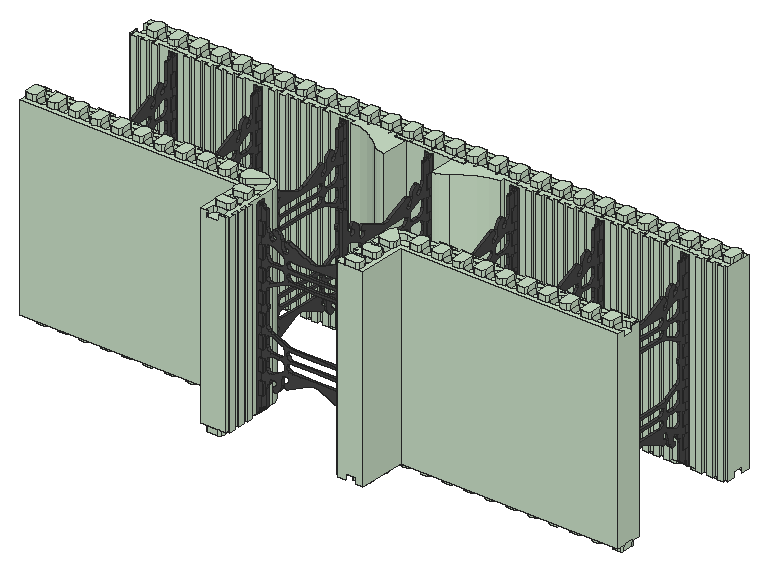
Revit family (continued)
Definition of nested family "NUDURA Diamond Pattern Missing Two Lines"
  Lines and regions (in)
    model lines
      curve 152: arc (3.69709, -5.625, 2.85858) -> (3.75567, -5.625, 3) -> (3.69709, -5.625, 3.14142) r 0.2
      curve 153: line (4.634, -5.625, 2.51517) -> (4.29059, -5.625, 2.85858)
      curve 154: arc (4.634, -5.625, 1.98484) -> (4.74384, -5.625, 2.25) -> (4.634, -5.625, 2.51517) r 0.375
      curve 155: line (4.29059, -5.625, 1.64142) -> (4.634, -5.625, 1.98484)
      curve 156: line (3.35367, -5.625, 1.98484) -> (3.69709, -5.625, 1.64142)
      curve 157: arc (3.35367, -5.625, 2.51517) -> (3.24384, -5.625, 2.25) -> (3.35367, -5.625, 1.98484) r 0.375
      curve 158: line (3.69709, -5.625, 2.85858) -> (3.35367, -5.625, 2.51517)
      curve 159: arc (4.17062, -5.625, 2.80178) -> (3.99384, -5.625, 2.875) -> (3.81706, -5.625, 2.80178) r 0.25
      curve 160: line (3.81706, -5.625, 2.80178) -> (3.44206, -5.625, 2.42678)
      curve 161: arc (3.44206, -5.625, 2.42678) -> (3.36884, -5.625, 2.25) -> (3.44206, -5.625, 2.07322) r 0.25
      curve 162: line (3.44206, -5.625, 2.07322) -> (3.81706, -5.625, 1.69822)
      curve 163: arc (3.81706, -5.625, 1.69822) -> (3.99384, -5.625, 1.625) -> (4.17062, -5.625, 1.69822) r 0.25
      curve 164: line (4.17062, -5.625, 1.69822) -> (4.54562, -5.625, 2.07322)
      curve 165: arc (4.54562, -5.625, 2.07322) -> (4.61884, -5.625, 2.25) -> (4.54562, -5.625, 2.42678) r 0.25
      curve 166: line (4.54562, -5.625, 2.42678) -> (4.17062, -5.625, 2.80178)
      curve 167: arc (3.69709, -5.625, 1.35858) -> (3.75567, -5.625, 1.5) -> (3.69709, -5.625, 1.64142) r 0.2
      curve 168: line (3.69709, -5.625, 1.35858) -> (3.35367, -5.625, 1.01517)
      curve 169: arc (3.35367, -5.625, 1.01517) -> (3.24384, -5.625, 0.75) -> (3.35367, -5.625, 0.48484) r 0.375
      curve 170: line (3.35367, -5.625, 0.48484) -> (3.72867, -5.625, 0.10984)
      curve 171: arc (3.72867, -5.625, 0.10984) -> (3.99384, -5.625, 0) -> (4.259, -5.625, 0.10984) r 0.375
      curve 172: line (4.259, -5.625, 0.10984) -> (4.634, -5.625, 0.48484)
      curve 173: arc (4.634, -5.625, 0.48484) -> (4.74384, -5.625, 0.75) -> (4.634, -5.625, 1.01517) r 0.375
      curve 174: line (4.634, -5.625, 1.01517) -> (4.29059, -5.625, 1.35858)
      curve 175: arc (4.29059, -5.625, 1.64142) -> (4.23201, -5.625, 1.5) -> (4.29059, -5.625, 1.35858) r 0.2
      curve 176: arc (4.17062, -5.625, 1.30178) -> (3.99384, -5.625, 1.375) -> (3.81706, -5.625, 1.30178) r 0.25
      curve 177: line (4.54562, -5.625, 0.92678) -> (4.17062, -5.625, 1.30178)
      curve 178: arc (4.54562, -5.625, 0.57322) -> (4.61884, -5.625, 0.75) -> (4.54562, -5.625, 0.92678) r 0.25
      curve 179: line (4.17062, -5.625, 0.19822) -> (4.54562, -5.625, 0.57322)
      curve 180: arc (3.81706, -5.625, 0.19822) -> (3.99384, -5.625, 0.125) -> (4.17062, -5.625, 0.19822) r 0.25
      curve 181: line (3.44206, -5.625, 0.57322) -> (3.81706, -5.625, 0.19822)
      curve 182: arc (3.44206, -5.625, 0.92678) -> (3.36884, -5.625, 0.75) -> (3.44206, -5.625, 0.57322) r 0.25
      curve 183: line (3.81706, -5.625, 1.30178) -> (3.44206, -5.625, 0.92678)
      curve 184: arc (4.29059, -5.625, 3.14142) -> (4.23201, -5.625, 3) -> (4.29059, -5.625, 2.85858) r 0.2
      curve 185: arc (4.29059, -5.625, 4.64142) -> (4.23201, -5.625, 4.5) -> (4.29059, -5.625, 4.35858) r 0.2
      curve 186: arc (4.29059, -5.625, 6.14142) -> (4.23201, -5.625, 6) -> (4.29059, -5.625, 5.85858) r 0.2
      curve 187: arc (4.29059, -5.625, 7.64142) -> (4.23201, -5.625, 7.5) -> (4.29059, -5.625, 7.35858) r 0.2
      curve 188: arc (4.29059, -5.625, 9.14142) -> (4.23201, -5.625, 9) -> (4.29059, -5.625, 8.85858) r 0.2
      curve 189: arc (4.29059, -5.625, 10.64142) -> (4.23201, -5.625, 10.5) -> (4.29059, -5.625, 10.35858) r 0.2
      curve 190: arc (4.29059, -5.625, 12.14142) -> (4.23201, -5.625, 12) -> (4.29059, -5.625, 11.85858) r 0.2
      curve 191: arc (4.29059, -5.625, 13.64142) -> (4.23201, -5.625, 13.5) -> (4.29059, -5.625, 13.35858) r 0.2
      curve 192: arc (4.29059, -5.625, 15.14142) -> (4.23201, -5.625, 15) -> (4.29059, -5.625, 14.85858) r 0.2
      curve 193: arc (4.29059, -5.625, 16.64142) -> (4.23201, -5.625, 16.5) -> (4.29059, -5.625, 16.35858) r 0.2
Definition of nested family "NUDURA Logo Diamond"
  Reference planes (in)
    plane 1 "Center (Front/Back)": y = 0
    plane 2: z = 0
    plane 3 "Center (Left/Right)": x = 0
  Lines and regions (in)
    model lines
      curve 1: line (12.59848, 0, 17.50104) -> (12.24492, 0, 17.85459)
      curve 2: line (12.36113, 0, 16.76872) -> (12.59848, 0, 17.00607)
      curve 3: line (12.59848, 0, 16.00104) -> (12.36113, 0, 16.23839)
      curve 4: line (12.36113, 0, 15.26872) -> (12.59848, 0, 15.50607)
      curve 5: line (12.59848, 0, 14.50104) -> (12.36113, 0, 14.73839)
      curve 6: line (12.36113, 0, 13.76872) -> (12.59848, 0, 14.00607)
      curve 7: line (12.17421, 0, 13.28388) -> (12.71208, 0, 12.74602)
      curve 8: line (12.71208, 0, 12.74602) -> (12.78279, 0, 12.81673)
      curve 9: line (11.28279, 0, 12.74602) -> (11.82066, 0, 13.28388)
      curve 10: line (11.63374, 0, 13.23839) -> (11.21208, 0, 12.81673)
      curve 11: line (11.3964, 0, 14.00607) -> (11.63374, 0, 13.76872)
      curve 12: line (11.63374, 0, 14.73839) -> (11.3964, 0, 14.50104)
      curve 13: line (11.3964, 0, 15.50607) -> (11.63374, 0, 15.26872)
      curve 14: line (11.63374, 0, 16.23839) -> (11.3964, 0, 16.00104)
      curve 15: line (11.3964, 0, 17.00607) -> (11.63374, 0, 16.76872)
      curve 16: line (11.74995, 0, 17.85459) -> (11.3964, 0, 17.50104)
      curve 17: line (11.82066, 0, 17.78388) -> (11.46711, 0, 17.43033)
      curve 18: line (12.52777, 0, 17.43033) -> (12.17421, 0, 17.78388)
      curve 19: line (12.17421, 0, 16.72322) -> (12.52777, 0, 17.07678)
      curve 20: line (11.46711, 0, 17.07678) -> (11.82066, 0, 16.72322)
      curve 21: arc (11.3964, 0, 17.50104) -> (11.29388, 0, 17.25355) -> (11.3964, 0, 17.00607) r 0.35
      curve 22: arc (11.74995, 0, 17.85459) -> (11.99744, 0, 17.95711) -> (12.24492, 0, 17.85459) r 0.35
      curve 23: arc (11.46711, 0, 17.43033) -> (11.39388, 0, 17.25355) -> (11.46711, 0, 17.07678) r 0.25
      curve 24: arc (12.52777, 0, 17.43033) -> (12.60099, 0, 17.25355) -> (12.52777, 0, 17.07678) r 0.25
      curve 25: arc (12.17421, 0, 16.72322) -> (11.99744, 0, 16.65) -> (11.82066, 0, 16.72322) r 0.25
      curve 26: arc (11.82066, 0, 17.78388) -> (11.99744, 0, 17.85711) -> (12.17421, 0, 17.78388) r 0.25
      curve 27: arc (12.59848, 0, 17.50104) -> (12.70099, 0, 17.25355) -> (12.59848, 0, 17.00607) r 0.35
      curve 28: arc (11.63374, 0, 16.76872) -> (11.74358, 0, 16.50355) -> (11.63374, 0, 16.23839) r 0.375
      curve 29: arc (12.36113, 0, 16.76872) -> (12.2513, 0, 16.50355) -> (12.36113, 0, 16.23839) r 0.375
      curve 30: line (12.36113, 0, 15.26872) -> (12.59848, 0, 15.50607)
      curve 31: line (11.3964, 0, 15.50607) -> (11.63374, 0, 15.26872)
      curve 32: line (11.82066, 0, 16.28388) -> (11.46711, 0, 15.93033)
      curve 33: line (12.52777, 0, 15.93033) -> (12.17421, 0, 16.28388)
      curve 34: line (12.17421, 0, 15.22322) -> (12.52777, 0, 15.57678)
      curve 35: line (11.46711, 0, 15.57678) -> (11.82066, 0, 15.22322)
      curve 36: arc (11.3964, 0, 16.00104) -> (11.29388, 0, 15.75355) -> (11.3964, 0, 15.50607) r 0.35
      curve 37: arc (11.46711, 0, 15.93033) -> (11.39388, 0, 15.75355) -> (11.46711, 0, 15.57678) r 0.25
      curve 38: arc (12.52777, 0, 15.93033) -> (12.60099, 0, 15.75355) -> (12.52777, 0, 15.57678) r 0.25
      curve 39: arc (12.17421, 0, 15.22322) -> (11.99744, 0, 15.15) -> (11.82066, 0, 15.22322) r 0.25
      curve 40: arc (11.82066, 0, 16.28388) -> (11.99744, 0, 16.35711) -> (12.17421, 0, 16.28388) r 0.25
      curve 41: arc (12.59848, 0, 16.00104) -> (12.70099, 0, 15.75355) -> (12.59848, 0, 15.50607) r 0.35
      curve 42: line (11.63374, 0, 16.23839) -> (11.3964, 0, 16.00104)
      curve 43: line (12.59848, 0, 16.00104) -> (12.36113, 0, 16.23839)
      curve 44: arc (11.63374, 0, 15.26872) -> (11.74358, 0, 15.00355) -> (11.63374, 0, 14.73839) r 0.375
      curve 45: arc (12.36113, 0, 15.26872) -> (12.2513, 0, 15.00355) -> (12.36113, 0, 14.73839) r 0.375
      curve 46: line (12.36113, 0, 13.76872) -> (12.59848, 0, 14.00607)
      curve 47: line (11.3964, 0, 14.00607) -> (11.63374, 0, 13.76872)
      curve 48: line (11.82066, 0, 14.78388) -> (11.46711, 0, 14.43033)
      curve 49: line (12.52777, 0, 14.43033) -> (12.17421, 0, 14.78388)
      curve 50: line (12.17421, 0, 13.72322) -> (12.52777, 0, 14.07678)
      curve 51: line (11.46711, 0, 14.07678) -> (11.82066, 0, 13.72322)
      curve 52: arc (11.3964, 0, 14.50104) -> (11.29388, 0, 14.25355) -> (11.3964, 0, 14.00607) r 0.35
      curve 53: arc (11.46711, 0, 14.43033) -> (11.39388, 0, 14.25355) -> (11.46711, 0, 14.07678) r 0.25
      curve 54: arc (12.52777, 0, 14.43033) -> (12.60099, 0, 14.25355) -> (12.52777, 0, 14.07678) r 0.25
      curve 55: arc (12.17421, 0, 13.72322) -> (11.99744, 0, 13.65) -> (11.82066, 0, 13.72322) r 0.25
      curve 56: arc (11.82066, 0, 14.78388) -> (11.99744, 0, 14.85711) -> (12.17421, 0, 14.78388) r 0.25
      curve 57: arc (12.59848, 0, 14.50104) -> (12.70099, 0, 14.25355) -> (12.59848, 0, 14.00607) r 0.35
      curve 58: line (11.63374, 0, 14.73839) -> (11.3964, 0, 14.50104)
      curve 59: arc (11.63374, 0, 13.76872) -> (11.74358, 0, 13.50355) -> (11.63374, 0, 13.23839) r 0.375
      curve 60: arc (12.36113, 0, 13.76872) -> (12.2513, 0, 13.50355) -> (12.36113, 0, 13.23839) r 0.375
      curve 61: line (12.78279, 0, 12.81673) -> (12.36113, 0, 13.23839)
      curve 62: line (11.21208, 0, 12.81673) -> (11.28279, 0, 12.74602)
      curve 63: arc (11.82066, 0, 13.28388) -> (11.99744, 0, 13.35711) -> (12.17421, 0, 13.28388) r 0.25
      curve 64: line (12.59848, 0, 0.50607) -> (12.24492, 0, 0.15251)
      curve 65: line (12.36113, 0, 1.23839) -> (12.59848, 0, 1.00104)
      curve 66: line (12.59848, 0, 2.00607) -> (12.36113, 0, 1.76872)
      curve 67: line (12.36113, 0, 2.73839) -> (12.59848, 0, 2.50104)
      curve 68: line (12.59848, 0, 3.50607) -> (12.36113, 0, 3.26872)
      curve 69: line (12.36113, 0, 4.23839) -> (12.59848, 0, 4.00104)
      curve 70: line (12.17421, 0, 4.72322) -> (12.71208, 0, 5.26109)
      curve 71: line (12.71208, 0, 5.26109) -> (12.78279, 0, 5.19038)
      curve 72: line (11.28279, 0, 5.26109) -> (11.82066, 0, 4.72322)
      curve 73: line (11.63374, 0, 4.76872) -> (11.21208, 0, 5.19038)
      curve 74: line (11.3964, 0, 4.00104) -> (11.63374, 0, 4.23839)
      curve 75: line (11.63374, 0, 3.26872) -> (11.3964, 0, 3.50607)
      curve 76: line (11.3964, 0, 2.50104) -> (11.63374, 0, 2.73839)
      curve 77: line (11.63374, 0, 1.76872) -> (11.3964, 0, 2.00607)
      curve 78: line (11.3964, 0, 1.00104) -> (11.63374, 0, 1.23839)
      curve 79: line (11.74995, 0, 0.15251) -> (11.3964, 0, 0.50607)
      curve 80: line (11.82066, 0, 0.22322) -> (11.46711, 0, 0.57678)
      curve 81: line (12.52777, 0, 0.57678) -> (12.17421, 0, 0.22322)
      curve 82: line (12.17421, 0, 1.28388) -> (12.52777, 0, 0.93033)
      curve 83: line (11.46711, 0, 0.93033) -> (11.82066, 0, 1.28388)
      curve 84: arc (11.3964, 0, 0.50607) -> (11.29388, 0, 0.75355) -> (11.3964, 0, 1.00104) r 0.35
      curve 85: arc (11.74995, 0, 0.15251) -> (11.99744, 0, 0.05) -> (12.24492, 0, 0.15251) r 0.35
      curve 86: arc (11.46711, 0, 0.57678) -> (11.39388, 0, 0.75355) -> (11.46711, 0, 0.93033) r 0.25
      curve 87: arc (12.52777, 0, 0.57678) -> (12.60099, 0, 0.75355) -> (12.52777, 0, 0.93033) r 0.25
      curve 88: arc (12.17421, 0, 1.28388) -> (11.99744, 0, 1.35711) -> (11.82066, 0, 1.28388) r 0.25
      curve 89: arc (11.82066, 0, 0.22322) -> (11.99744, 0, 0.15) -> (12.17421, 0, 0.22322) r 0.25
      curve 90: arc (12.59848, 0, 0.50607) -> (12.70099, 0, 0.75355) -> (12.59848, 0, 1.00104) r 0.35
      curve 91: arc (11.63374, 0, 1.23839) -> (11.74358, 0, 1.50355) -> (11.63374, 0, 1.76872) r 0.375
      curve 92: arc (12.36113, 0, 1.23839) -> (12.2513, 0, 1.50355) -> (12.36113, 0, 1.76872) r 0.375
      curve 93: line (12.36113, 0, 2.73839) -> (12.59848, 0, 2.50104)
      curve 94: line (11.3964, 0, 2.50104) -> (11.63374, 0, 2.73839)
      curve 95: line (11.82066, 0, 1.72322) -> (11.46711, 0, 2.07678)
      curve 96: line (12.52777, 0, 2.07678) -> (12.17421, 0, 1.72322)
      curve 97: line (12.17421, 0, 2.78388) -> (12.52777, 0, 2.43033)
      curve 98: line (11.46711, 0, 2.43033) -> (11.82066, 0, 2.78388)
      curve 99: arc (11.3964, 0, 2.00607) -> (11.29388, 0, 2.25355) -> (11.3964, 0, 2.50104) r 0.35
      curve 100: arc (11.46711, 0, 2.07678) -> (11.39388, 0, 2.25355) -> (11.46711, 0, 2.43033) r 0.25
      curve 101: arc (12.52777, 0, 2.07678) -> (12.60099, 0, 2.25355) -> (12.52777, 0, 2.43033) r 0.25
      curve 102: arc (12.17421, 0, 2.78388) -> (11.99744, 0, 2.85711) -> (11.82066, 0, 2.78388) r 0.25
      curve 103: arc (11.82066, 0, 1.72322) -> (11.99744, 0, 1.65) -> (12.17421, 0, 1.72322) r 0.25
      curve 104: arc (12.59848, 0, 2.00607) -> (12.70099, 0, 2.25355) -> (12.59848, 0, 2.50104) r 0.35
      curve 105: line (11.63374, 0, 1.76872) -> (11.3964, 0, 2.00607)
      curve 106: line (12.59848, 0, 2.00607) -> (12.36113, 0, 1.76872)
      curve 107: arc (11.63374, 0, 2.73839) -> (11.74358, 0, 3.00355) -> (11.63374, 0, 3.26872) r 0.375
      curve 108: arc (12.36113, 0, 2.73839) -> (12.2513, 0, 3.00355) -> (12.36113, 0, 3.26872) r 0.375
      curve 109: line (12.36113, 0, 4.23839) -> (12.59848, 0, 4.00104)
      curve 110: line (11.3964, 0, 4.00104) -> (11.63374, 0, 4.23839)
      curve 111: line (11.82066, 0, 3.22322) -> (11.46711, 0, 3.57678)
      curve 112: line (12.52777, 0, 3.57678) -> (12.17421, 0, 3.22322)
      curve 113: line (12.17421, 0, 4.28388) -> (12.52777, 0, 3.93033)
      curve 114: line (11.46711, 0, 3.93033) -> (11.82066, 0, 4.28388)
      curve 115: arc (11.3964, 0, 3.50607) -> (11.29388, 0, 3.75355) -> (11.3964, 0, 4.00104) r 0.35
      curve 116: arc (11.46711, 0, 3.57678) -> (11.39388, 0, 3.75355) -> (11.46711, 0, 3.93033) r 0.25
      curve 117: arc (12.52777, 0, 3.57678) -> (12.60099, 0, 3.75355) -> (12.52777, 0, 3.93033) r 0.25
      curve 118: arc (12.17421, 0, 4.28388) -> (11.99744, 0, 4.35711) -> (11.82066, 0, 4.28388) r 0.25
      curve 119: arc (11.82066, 0, 3.22322) -> (11.99744, 0, 3.15) -> (12.17421, 0, 3.22322) r 0.25
      curve 120: arc (12.59848, 0, 3.50607) -> (12.70099, 0, 3.75355) -> (12.59848, 0, 4.00104) r 0.35
      curve 121: line (11.63374, 0, 3.26872) -> (11.3964, 0, 3.50607)
      curve 122: arc (11.63374, 0, 4.23839) -> (11.74358, 0, 4.50355) -> (11.63374, 0, 4.76872) r 0.375
      curve 123: arc (12.36113, 0, 4.23839) -> (12.2513, 0, 4.50355) -> (12.36113, 0, 4.76872) r 0.375
      curve 124: line (12.78279, 0, 5.19038) -> (12.36113, 0, 4.76872)
      curve 125: line (11.21208, 0, 5.19038) -> (11.28279, 0, 5.26109)
      curve 126: arc (11.82066, 0, 4.72322) -> (11.99744, 0, 4.65) -> (12.17421, 0, 4.72322) r 0.25
      curve 127: line (12.37244, 0, 12.50355) -> (11.62244, 0, 12.50355)
      curve 128: line (12.74744, 0, 5.87855) -> (12.74744, 0, 12.12855)
      curve 129: line (11.24744, 0, 12.12855) -> (11.24744, 0, 5.87855)
      curve 130: line (11.62244, 0, 5.50355) -> (12.37244, 0, 5.50355)
      curve 131: line (12.47232, 0, 12.00355) -> (12.0393, 0, 12.25355)
      curve 132: line (12.47232, 0, 11.50355) -> (12.47232, 0, 12.00355)
      curve 133: line (12.25581, 0, 11.37855) -> (12.47232, 0, 11.50355)
      curve 134: line (12.02256, 0, 11.51322) -> (12.25581, 0, 11.37855)
      curve 135: line (12.22232, 0, 11.62855) -> (12.02256, 0, 11.51322)
      curve 136: line (11.80605, 0, 12.11888) -> (12.22232, 0, 11.87855)
      curve 137: line (12.22232, 0, 11.87855) -> (12.22232, 0, 11.62855)
      curve 138: line (12.0393, 0, 12.25355) -> (11.80605, 0, 12.11888)
      curve 139: line (11.77256, 0, 11.63822) -> (11.97232, 0, 11.75355)
      curve 140: line (11.97232, 0, 11.75355) -> (11.73906, 0, 11.88822)
      curve 141: line (11.73906, 0, 11.88822) -> (11.52256, 0, 11.76322)
      curve 142: line (11.52256, 0, 11.76322) -> (11.52256, 0, 11.26322)
      curve 143: line (11.77256, 0, 11.38822) -> (11.77256, 0, 11.63822)
      curve 144: line (12.18882, 0, 11.14789) -> (11.77256, 0, 11.38822)
      curve 145: line (11.95557, 0, 11.01322) -> (12.18882, 0, 11.14789)
      curve 146: line (11.52256, 0, 11.26322) -> (11.95557, 0, 11.01322)
      curve 147: line (12.31108, 0, 10.60411) -> (11.68379, 0, 10.74458)
      curve 148: line (11.68379, 0, 10.74458) -> (11.68379, 0, 10.51321)
      curve 149: line (11.68379, 0, 10.51321) -> (12.1295, 0, 10.41405)
      curve 150: line (12.1295, 0, 10.41405) -> (11.68379, 0, 10.27358)
      curve 151: line (11.68379, 0, 10.27358) -> (11.68379, 0, 9.8852)
      curve 152: line (11.68379, 0, 9.8852) -> (12.17077, 0, 9.77615)
      curve 153: line (12.17077, 0, 9.77615) -> (12.17077, 0, 9.74472)
      curve 154: line (12.17077, 0, 9.74472) -> (11.86146, 0, 9.80279)
      curve 155: line (11.68379, 0, 9.65536) -> (11.68379, 0, 9.35864)
      curve 156: line (12.07077, 0, 8.74385) -> (12.07077, 0, 8.99996)
      curve 157: line (12.07077, 0, 8.99996) -> (11.68379, 0, 9.08605)
      curve 158: line (11.68379, 0, 9.08605) -> (11.68379, 0, 8.47809)
      curve 159: line (11.91823, 0, 9.06589) -> (12.31108, 0, 8.97792)
      curve 160: line (11.82444, 0, 8.55476) -> (11.82444, 0, 8.79865)
      curve 161: line (11.82444, 0, 8.79865) -> (12.07077, 0, 8.74385)
      curve 162: line (11.68379, 0, 8.07193) -> (11.68379, 0, 7.77522)
      curve 163: line (11.91823, 0, 7.48247) -> (12.21108, 0, 7.41688)
      curve 164: line (12.21108, 0, 7.41688) -> (12.21108, 0, 6.95405)
      curve 165: line (12.16108, 0, 6.90405) -> (12.12077, 0, 6.90405)
      curve 166: line (12.07077, 0, 6.95405) -> (12.07077, 0, 7.08675)
      curve 167: line (12.07077, 0, 7.08675) -> (12.12077, 0, 7.07556)
      curve 168: line (12.12077, 0, 7.07556) -> (12.12077, 0, 7.33463)
      curve 169: line (12.12077, 0, 7.33463) -> (11.68379, 0, 7.43249)
      curve 170: line (11.68379, 0, 7.43249) -> (11.68379, 0, 7.17341)
      curve 171: line (11.68379, 0, 7.17341) -> (11.97077, 0, 7.10915)
      curve 172: line (11.97077, 0, 7.10915) -> (11.97077, 0, 6.99425)
      curve 173: line (11.92077, 0, 6.94425) -> (11.68379, 0, 6.94425)
      curve 174: line (11.68379, 0, 6.94425) -> (11.68379, 0, 6.45682)
      curve 175: line (11.68379, 0, 6.45682) -> (11.78284, 0, 6.38658)
      curve 176: line (11.78284, 0, 6.38658) -> (11.78284, 0, 6.05178)
      curve 177: line (12.12371, 0, 6.14486) -> (11.88284, 0, 6.31567)
      curve 178: line (11.88284, 0, 6.31567) -> (11.88284, 0, 6.07909)
      curve 179: line (11.88284, 0, 6.07909) -> (12.12371, 0, 6.14486)
      curve 180: line (11.78284, 0, 6.05178) -> (11.68379, 0, 6.02474)
      curve 181: line (11.68379, 0, 6.02474) -> (11.68379, 0, 5.75355)
      curve 182: line (11.68379, 0, 5.75355) -> (12.31108, 0, 5.92483)
      curve 183: line (12.31108, 0, 5.92483) -> (12.31108, 0, 6.28791)
      curve 184: line (12.31108, 0, 6.28791) -> (11.76249, 0, 6.67694)
      curve 185: line (11.76249, 0, 6.67694) -> (11.90321, 0, 6.67694)
      curve 186: line (12.31108, 0, 6.78674) -> (12.31108, 0, 7.63562)
      curve 187: line (12.31108, 0, 7.63562) -> (11.90258, 0, 7.7271)
      curve 188: line (11.82444, 0, 7.82469) -> (11.82444, 0, 7.92839)
      curve 189: line (11.88536, 0, 7.97718) -> (12.31108, 0, 7.88185)
      curve 190: line (12.31108, 0, 7.88185) -> (12.31108, 0, 8.13496)
      curve 191: line (12.31108, 0, 8.13496) -> (12.08042, 0, 8.17826)
      curve 192: line (12.31108, 0, 8.38353) -> (12.31108, 0, 8.9465)
      curve 193: line (12.31108, 0, 8.9465) -> (12.17077, 0, 8.97771)
      curve 194: line (12.17077, 0, 8.97771) -> (12.17077, 0, 8.55476)
      curve 195: line (12.31108, 0, 8.97792) -> (12.31108, 0, 9.21905)
      curve 196: line (12.31108, 0, 9.21905) -> (11.90258, 0, 9.31053)
      curve 197: line (11.82444, 0, 9.40811) -> (11.82444, 0, 9.51182)
      curve 198: line (11.87938, 0, 9.56195) -> (12.31108, 0, 9.46528)
      curve 199: line (12.31108, 0, 9.46528) -> (12.31108, 0, 9.98469)
      curve 200: line (12.31108, 0, 9.98469) -> (11.90664, 0, 10.07526)
      curve 201: line (11.90664, 0, 10.07526) -> (12.31108, 0, 10.20747)
      curve 202: line (12.31108, 0, 10.20747) -> (12.31108, 0, 10.60411)
      curve 203: arc (11.68379, 0, 9.65536) -> (11.73801, 0, 9.7708) -> (11.86146, 0, 9.80279) r 0.15
      curve 204: arc (11.68379, 0, 9.35864) -> (11.74962, 0, 9.17112) -> (11.91823, 0, 9.06589) r 0.3
      curve 205: arc (11.84417, 0, 8.22149) -> (11.72718, 0, 8.32679) -> (11.68379, 0, 8.47809) r 0.28547
      curve 206: arc (11.68379, 0, 8.07193) -> (11.73147, 0, 8.18158) -> (11.84417, 0, 8.22149) r 0.14992
      curve 207: arc (11.68379, 0, 7.77522) -> (11.74962, 0, 7.58769) -> (11.91823, 0, 7.48247) r 0.3
      curve 208: arc (11.82444, 0, 7.82469) -> (11.84638, 0, 7.76218) -> (11.90258, 0, 7.7271) r 0.1
      curve 209: arc (11.82444, 0, 7.92839) -> (11.84318, 0, 7.96742) -> (11.88536, 0, 7.97718) r 0.05
      curve 210: arc (12.12077, 0, 6.90405) -> (12.08541, 0, 6.91869) -> (12.07077, 0, 6.95405) r 0.05
      curve 211: arc (12.16108, 0, 6.90405) -> (12.19644, 0, 6.91869) -> (12.21108, 0, 6.95405) r 0.05
      curve 212: arc (11.97077, 0, 6.99425) -> (11.95612, 0, 6.95889) -> (11.92077, 0, 6.94425) r 0.05
      curve 213: arc (11.90321, 0, 6.67694) -> (11.96756, 0, 6.70069) -> (12.00104, 0, 6.76055) r 0.09904
      curve 214: arc (12.00104, 0, 6.76055) -> (12.1681, 0, 6.63117) -> (12.31108, 0, 6.78674) r 0.15613
      curve 215: arc (12.08042, 0, 8.17826) -> (12.24181, 0, 8.22914) -> (12.31108, 0, 8.38353) r 0.20667
      curve 216: arc (11.82444, 0, 8.55476) -> (11.9976, 0, 8.3816) -> (12.17077, 0, 8.55476) r 0.17317
      curve 217: arc (11.82444, 0, 9.40811) -> (11.84638, 0, 9.34561) -> (11.90258, 0, 9.31053) r 0.1
      curve 218: arc (11.82444, 0, 9.51182) -> (11.8459, 0, 9.55306) -> (11.892, 0, 9.55913) r 0.05034
      curve 219: arc (11.24744, 0, 12.12855) -> (11.35727, 0, 12.39372) -> (11.62244, 0, 12.50355) r 0.375
      curve 220: arc (12.37244, 0, 12.50355) -> (12.6376, 0, 12.39372) -> (12.74744, 0, 12.12855) r 0.375
      curve 221: arc (11.24744, 0, 5.87855) -> (11.35727, 0, 5.61339) -> (11.62244, 0, 5.50355) r 0.375
      curve 222: arc (12.37244, 0, 5.50355) -> (12.6376, 0, 5.61339) -> (12.74744, 0, 5.87855) r 0.375
      curve 223: line (9.99744, 0, 18) -> (9.99744, 0, 0)
      curve 224: line (13.99744, 0, 18) -> (13.99744, 0, 0)
      curve 225: line (15.99744, 0, 18) -> (15.99744, 0, 0)
Definition of nested family "NUDURA Diamond Pattern"
  Reference planes (in)
    plane 1 "Center (Front/Back)": y = 0
    plane 2: z = 0
    plane 3 "Center (Left/Right)": x = 0
    plane 4: z = 18
  Lines and regions (in)
    model lines
      curve 1: line (8, -5.625, 18) -> (8, -5.625, 0)
      curve 2: line (6, -5.625, 18) -> (6, -5.625, 0)
      curve 3: line (2, -5.625, 18) -> (2, -5.625, 0)
      curve 4: line (3.35367, -5.625, 16.98484) -> (3.69709, -5.625, 16.64142)
      curve 5: arc (3.35367, -5.625, 17.51517) -> (3.24384, -5.625, 17.25) -> (3.35367, -5.625, 16.98484) r 0.375
      curve 6: line (3.72867, -5.625, 17.89017) -> (3.35367, -5.625, 17.51517)
      curve 7: arc (4.259, -5.625, 17.89017) -> (3.99384, -5.625, 18) -> (3.72867, -5.625, 17.89017) r 0.375
      curve 8: line (4.634, -5.625, 17.51517) -> (4.259, -5.625, 17.89017)
      curve 9: arc (4.634, -5.625, 16.98484) -> (4.74384, -5.625, 17.25) -> (4.634, -5.625, 17.51517) r 0.375
      curve 10: line (4.29059, -5.625, 16.64142) -> (4.634, -5.625, 16.98484)
      curve 11: arc (4.17062, -5.625, 17.80178) -> (3.99384, -5.625, 17.875) -> (3.81706, -5.625, 17.80178) r 0.25
      curve 12: line (4.54562, -5.625, 17.42678) -> (4.17062, -5.625, 17.80178)
      curve 13: arc (4.54562, -5.625, 17.07322) -> (4.61884, -5.625, 17.25) -> (4.54562, -5.625, 17.42678) r 0.25
      curve 14: line (4.17062, -5.625, 16.69822) -> (4.54562, -5.625, 17.07322)
      curve 15: arc (3.81706, -5.625, 16.69822) -> (3.99384, -5.625, 16.625) -> (4.17062, -5.625, 16.69822) r 0.25
      curve 16: line (3.44206, -5.625, 17.07322) -> (3.81706, -5.625, 16.69822)
      curve 17: arc (3.44206, -5.625, 17.42678) -> (3.36884, -5.625, 17.25) -> (3.44206, -5.625, 17.07322) r 0.25
      curve 18: line (3.81706, -5.625, 17.80178) -> (3.44206, -5.625, 17.42678)
      curve 19: arc (3.69709, -5.625, 16.35858) -> (3.75567, -5.625, 16.5) -> (3.69709, -5.625, 16.64142) r 0.2
      curve 20: line (4.634, -5.625, 16.01517) -> (4.29059, -5.625, 16.35858)
      curve 21: arc (4.634, -5.625, 15.48484) -> (4.74384, -5.625, 15.75) -> (4.634, -5.625, 16.01517) r 0.375
      curve 22: line (4.29059, -5.625, 15.14142) -> (4.634, -5.625, 15.48484)
      curve 23: line (3.35367, -5.625, 15.48484) -> (3.69709, -5.625, 15.14142)
      curve 24: arc (3.35367, -5.625, 16.01517) -> (3.24384, -5.625, 15.75) -> (3.35367, -5.625, 15.48484) r 0.375
      curve 25: line (3.69709, -5.625, 16.35858) -> (3.35367, -5.625, 16.01517)
      curve 26: arc (4.17062, -5.625, 16.30178) -> (3.99384, -5.625, 16.375) -> (3.81706, -5.625, 16.30178) r 0.25
      curve 27: line (3.81706, -5.625, 16.30178) -> (3.44206, -5.625, 15.92678)
      curve 28: arc (3.44206, -5.625, 15.92678) -> (3.36884, -5.625, 15.75) -> (3.44206, -5.625, 15.57322) r 0.25
      curve 29: line (3.44206, -5.625, 15.57322) -> (3.81706, -5.625, 15.19822)
      curve 30: arc (3.81706, -5.625, 15.19822) -> (3.99384, -5.625, 15.125) -> (4.17062, -5.625, 15.19822) r 0.25
      curve 31: line (4.17062, -5.625, 15.19822) -> (4.54562, -5.625, 15.57322)
      curve 32: arc (4.54562, -5.625, 15.57322) -> (4.61884, -5.625, 15.75) -> (4.54562, -5.625, 15.92678) r 0.25
      curve 33: line (4.54562, -5.625, 15.92678) -> (4.17062, -5.625, 16.30178)
      curve 34: arc (3.69709, -5.625, 14.85858) -> (3.75567, -5.625, 15) -> (3.69709, -5.625, 15.14142) r 0.2
      curve 35: line (4.634, -5.625, 14.51517) -> (4.29059, -5.625, 14.85858)
      curve 36: arc (4.634, -5.625, 13.98484) -> (4.74384, -5.625, 14.25) -> (4.634, -5.625, 14.51517) r 0.375
      curve 37: line (4.29059, -5.625, 13.64142) -> (4.634, -5.625, 13.98484)
      curve 38: line (3.35367, -5.625, 13.98484) -> (3.69709, -5.625, 13.64142)
      curve 39: arc (3.35367, -5.625, 14.51517) -> (3.24384, -5.625, 14.25) -> (3.35367, -5.625, 13.98484) r 0.375
      curve 40: line (3.69709, -5.625, 14.85858) -> (3.35367, -5.625, 14.51517)
      curve 41: arc (4.17062, -5.625, 14.80178) -> (3.99384, -5.625, 14.875) -> (3.81706, -5.625, 14.80178) r 0.25
      curve 42: line (3.81706, -5.625, 14.80178) -> (3.44206, -5.625, 14.42678)
      curve 43: arc (3.44206, -5.625, 14.42678) -> (3.36884, -5.625, 14.25) -> (3.44206, -5.625, 14.07322) r 0.25
      curve 44: line (3.44206, -5.625, 14.07322) -> (3.81706, -5.625, 13.69822)
      curve 45: arc (3.81706, -5.625, 13.69822) -> (3.99384, -5.625, 13.625) -> (4.17062, -5.625, 13.69822) r 0.25
      curve 46: line (4.17062, -5.625, 13.69822) -> (4.54562, -5.625, 14.07322)
      curve 47: arc (4.54562, -5.625, 14.07322) -> (4.61884, -5.625, 14.25) -> (4.54562, -5.625, 14.42678) r 0.25
      curve 48: line (4.54562, -5.625, 14.42678) -> (4.17062, -5.625, 14.80178)
      curve 49: arc (3.69709, -5.625, 13.35858) -> (3.75567, -5.625, 13.5) -> (3.69709, -5.625, 13.64142) r 0.2
      curve 50: line (4.634, -5.625, 13.01517) -> (4.29059, -5.625, 13.35858)
      curve 51: arc (4.634, -5.625, 12.48484) -> (4.74384, -5.625, 12.75) -> (4.634, -5.625, 13.01517) r 0.375
      curve 52: line (4.29059, -5.625, 12.14142) -> (4.634, -5.625, 12.48484)
      curve 53: line (3.35367, -5.625, 12.48484) -> (3.69709, -5.625, 12.14142)
      curve 54: arc (3.35367, -5.625, 13.01517) -> (3.24384, -5.625, 12.75) -> (3.35367, -5.625, 12.48484) r 0.375
      curve 55: line (3.69709, -5.625, 13.35858) -> (3.35367, -5.625, 13.01517)
      curve 56: arc (4.17062, -5.625, 13.30178) -> (3.99384, -5.625, 13.375) -> (3.81706, -5.625, 13.30178) r 0.25
      curve 57: line (3.81706, -5.625, 13.30178) -> (3.44206, -5.625, 12.92678)
      curve 58: arc (3.44206, -5.625, 12.92678) -> (3.36884, -5.625, 12.75) -> (3.44206, -5.625, 12.57322) r 0.25
      curve 59: line (3.44206, -5.625, 12.57322) -> (3.81706, -5.625, 12.19822)
      curve 60: arc (3.81706, -5.625, 12.19822) -> (3.99384, -5.625, 12.125) -> (4.17062, -5.625, 12.19822) r 0.25
      curve 61: line (4.17062, -5.625, 12.19822) -> (4.54562, -5.625, 12.57322)
      curve 62: arc (4.54562, -5.625, 12.57322) -> (4.61884, -5.625, 12.75) -> (4.54562, -5.625, 12.92678) r 0.25
      curve 63: line (4.54562, -5.625, 12.92678) -> (4.17062, -5.625, 13.30178)
      curve 64: arc (3.69709, -5.625, 11.85858) -> (3.75567, -5.625, 12) -> (3.69709, -5.625, 12.14142) r 0.2
      curve 65: line (4.634, -5.625, 11.51517) -> (4.29059, -5.625, 11.85858)
      curve 66: arc (4.634, -5.625, 10.98484) -> (4.74384, -5.625, 11.25) -> (4.634, -5.625, 11.51517) r 0.375
      curve 67: line (4.29059, -5.625, 10.64142) -> (4.634, -5.625, 10.98484)
      curve 68: line (3.35367, -5.625, 10.98484) -> (3.69709, -5.625, 10.64142)
      curve 69: arc (3.35367, -5.625, 11.51517) -> (3.24384, -5.625, 11.25) -> (3.35367, -5.625, 10.98484) r 0.375
      curve 70: line (3.69709, -5.625, 11.85858) -> (3.35367, -5.625, 11.51517)
      curve 71: arc (4.17062, -5.625, 11.80178) -> (3.99384, -5.625, 11.875) -> (3.81706, -5.625, 11.80178) r 0.25
      curve 72: line (3.81706, -5.625, 11.80178) -> (3.44206, -5.625, 11.42678)
      curve 73: arc (3.44206, -5.625, 11.42678) -> (3.36884, -5.625, 11.25) -> (3.44206, -5.625, 11.07322) r 0.25
      curve 74: line (3.44206, -5.625, 11.07322) -> (3.81706, -5.625, 10.69822)
      curve 75: arc (3.81706, -5.625, 10.69822) -> (3.99384, -5.625, 10.625) -> (4.17062, -5.625, 10.69822) r 0.25
      curve 76: line (4.17062, -5.625, 10.69822) -> (4.54562, -5.625, 11.07322)
      curve 77: arc (4.54562, -5.625, 11.07322) -> (4.61884, -5.625, 11.25) -> (4.54562, -5.625, 11.42678) r 0.25
      curve 78: line (4.54562, -5.625, 11.42678) -> (4.17062, -5.625, 11.80178)
      curve 79: arc (3.69709, -5.625, 10.35858) -> (3.75567, -5.625, 10.5) -> (3.69709, -5.625, 10.64142) r 0.2
      curve 80: line (4.634, -5.625, 10.01517) -> (4.29059, -5.625, 10.35858)
      curve 81: arc (4.634, -5.625, 9.48484) -> (4.74384, -5.625, 9.75) -> (4.634, -5.625, 10.01517) r 0.375
      curve 82: line (4.29059, -5.625, 9.14142) -> (4.634, -5.625, 9.48484)
      curve 83: line (3.35367, -5.625, 9.48484) -> (3.69709, -5.625, 9.14142)
      curve 84: arc (3.35367, -5.625, 10.01517) -> (3.24384, -5.625, 9.75) -> (3.35367, -5.625, 9.48484) r 0.375
      curve 85: line (3.69709, -5.625, 10.35858) -> (3.35367, -5.625, 10.01517)
      curve 86: arc (4.17062, -5.625, 10.30178) -> (3.99384, -5.625, 10.375) -> (3.81706, -5.625, 10.30178) r 0.25
      curve 87: line (3.81706, -5.625, 10.30178) -> (3.44206, -5.625, 9.92678)
      curve 88: arc (3.44206, -5.625, 9.92678) -> (3.36884, -5.625, 9.75) -> (3.44206, -5.625, 9.57322) r 0.25
      curve 89: line (3.44206, -5.625, 9.57322) -> (3.81706, -5.625, 9.19822)
      curve 90: arc (3.81706, -5.625, 9.19822) -> (3.99384, -5.625, 9.125) -> (4.17062, -5.625, 9.19822) r 0.25
      curve 91: line (4.17062, -5.625, 9.19822) -> (4.54562, -5.625, 9.57322)
      curve 92: arc (4.54562, -5.625, 9.57322) -> (4.61884, -5.625, 9.75) -> (4.54562, -5.625, 9.92678) r 0.25
      curve 93: line (4.54562, -5.625, 9.92678) -> (4.17062, -5.625, 10.30178)
      curve 94: arc (3.69709, -5.625, 8.85858) -> (3.75567, -5.625, 9) -> (3.69709, -5.625, 9.14142) r 0.2
      curve 95: line (4.634, -5.625, 8.51517) -> (4.29059, -5.625, 8.85858)
      curve 96: arc (4.634, -5.625, 7.98484) -> (4.74384, -5.625, 8.25) -> (4.634, -5.625, 8.51517) r 0.375
      curve 97: line (4.29059, -5.625, 7.64142) -> (4.634, -5.625, 7.98484)
      curve 98: line (3.35367, -5.625, 7.98484) -> (3.69709, -5.625, 7.64142)
      curve 99: arc (3.35367, -5.625, 8.51517) -> (3.24384, -5.625, 8.25) -> (3.35367, -5.625, 7.98484) r 0.375
      curve 100: line (3.69709, -5.625, 8.85858) -> (3.35367, -5.625, 8.51517)
      curve 101: arc (4.17062, -5.625, 8.80178) -> (3.99384, -5.625, 8.875) -> (3.81706, -5.625, 8.80178) r 0.25
      curve 102: line (3.81706, -5.625, 8.80178) -> (3.44206, -5.625, 8.42678)
      curve 103: arc (3.44206, -5.625, 8.42678) -> (3.36884, -5.625, 8.25) -> (3.44206, -5.625, 8.07322) r 0.25
      curve 104: line (3.44206, -5.625, 8.07322) -> (3.81706, -5.625, 7.69822)
      curve 105: arc (3.81706, -5.625, 7.69822) -> (3.99384, -5.625, 7.625) -> (4.17062, -5.625, 7.69822) r 0.25
      curve 106: line (4.17062, -5.625, 7.69822) -> (4.54562, -5.625, 8.07322)
      curve 107: arc (4.54562, -5.625, 8.07322) -> (4.61884, -5.625, 8.25) -> (4.54562, -5.625, 8.42678) r 0.25
      curve 108: line (4.54562, -5.625, 8.42678) -> (4.17062, -5.625, 8.80178)
      curve 109: arc (3.69709, -5.625, 7.35858) -> (3.75567, -5.625, 7.5) -> (3.69709, -5.625, 7.64142) r 0.2
      curve 110: line (4.634, -5.625, 7.01517) -> (4.29059, -5.625, 7.35858)
      curve 111: arc (4.634, -5.625, 6.48484) -> (4.74384, -5.625, 6.75) -> (4.634, -5.625, 7.01517) r 0.375
      curve 112: line (4.29059, -5.625, 6.14142) -> (4.634, -5.625, 6.48484)
      curve 113: line (3.35367, -5.625, 6.48484) -> (3.69709, -5.625, 6.14142)
      curve 114: arc (3.35367, -5.625, 7.01517) -> (3.24384, -5.625, 6.75) -> (3.35367, -5.625, 6.48484) r 0.375
      curve 115: line (3.69709, -5.625, 7.35858) -> (3.35367, -5.625, 7.01517)
      curve 116: arc (4.17062, -5.625, 7.30178) -> (3.99384, -5.625, 7.375) -> (3.81706, -5.625, 7.30178) r 0.25
      curve 117: line (3.81706, -5.625, 7.30178) -> (3.44206, -5.625, 6.92678)
      curve 118: arc (3.44206, -5.625, 6.92678) -> (3.36884, -5.625, 6.75) -> (3.44206, -5.625, 6.57322) r 0.25
      curve 119: line (3.44206, -5.625, 6.57322) -> (3.81706, -5.625, 6.19822)
      curve 120: arc (3.81706, -5.625, 6.19822) -> (3.99384, -5.625, 6.125) -> (4.17062, -5.625, 6.19822) r 0.25
      curve 121: line (4.17062, -5.625, 6.19822) -> (4.54562, -5.625, 6.57322)
      curve 122: arc (4.54562, -5.625, 6.57322) -> (4.61884, -5.625, 6.75) -> (4.54562, -5.625, 6.92678) r 0.25
      curve 123: line (4.54562, -5.625, 6.92678) -> (4.17062, -5.625, 7.30178)
      curve 124: arc (3.69709, -5.625, 5.85858) -> (3.75567, -5.625, 6) -> (3.69709, -5.625, 6.14142) r 0.2
      curve 125: line (4.634, -5.625, 5.51517) -> (4.29059, -5.625, 5.85858)
      curve 126: arc (4.634, -5.625, 4.98484) -> (4.74384, -5.625, 5.25) -> (4.634, -5.625, 5.51517) r 0.375
      curve 127: line (4.29059, -5.625, 4.64142) -> (4.634, -5.625, 4.98484)
      curve 128: line (3.35367, -5.625, 4.98484) -> (3.69709, -5.625, 4.64142)
      curve 129: arc (3.35367, -5.625, 5.51517) -> (3.24384, -5.625, 5.25) -> (3.35367, -5.625, 4.98484) r 0.375
      curve 130: line (3.69709, -5.625, 5.85858) -> (3.35367, -5.625, 5.51517)
      curve 131: arc (4.17062, -5.625, 5.80178) -> (3.99384, -5.625, 5.875) -> (3.81706, -5.625, 5.80178) r 0.25
      curve 132: line (3.81706, -5.625, 5.80178) -> (3.44206, -5.625, 5.42678)
      curve 133: arc (3.44206, -5.625, 5.42678) -> (3.36884, -5.625, 5.25) -> (3.44206, -5.625, 5.07322) r 0.25
      curve 134: line (3.44206, -5.625, 5.07322) -> (3.81706, -5.625, 4.69822)
      curve 135: arc (3.81706, -5.625, 4.69822) -> (3.99384, -5.625, 4.625) -> (4.17062, -5.625, 4.69822) r 0.25
      curve 136: line (4.17062, -5.625, 4.69822) -> (4.54562, -5.625, 5.07322)
      curve 137: arc (4.54562, -5.625, 5.07322) -> (4.61884, -5.625, 5.25) -> (4.54562, -5.625, 5.42678) r 0.25
      curve 138: line (4.54562, -5.625, 5.42678) -> (4.17062, -5.625, 5.80178)
      curve 139: arc (3.69709, -5.625, 4.35858) -> (3.75567, -5.625, 4.5) -> (3.69709, -5.625, 4.64142) r 0.2
      curve 140: line (4.634, -5.625, 4.01517) -> (4.29059, -5.625, 4.35858)
      curve 141: arc (4.634, -5.625, 3.48484) -> (4.74384, -5.625, 3.75) -> (4.634, -5.625, 4.01517) r 0.375
      curve 142: line (4.29059, -5.625, 3.14142) -> (4.634, -5.625, 3.48484)
      curve 143: line (3.35367, -5.625, 3.48484) -> (3.69709, -5.625, 3.14142)
      curve 144: arc (3.35367, -5.625, 4.01517) -> (3.24384, -5.625, 3.75) -> (3.35367, -5.625, 3.48484) r 0.375
      curve 145: line (3.69709, -5.625, 4.35858) -> (3.35367, -5.625, 4.01517)
      curve 146: arc (4.17062, -5.625, 4.30178) -> (3.99384, -5.625, 4.375) -> (3.81706, -5.625, 4.30178) r 0.25
      curve 147: line (3.81706, -5.625, 4.30178) -> (3.44206, -5.625, 3.92678)
      curve 148: arc (3.44206, -5.625, 3.92678) -> (3.36884, -5.625, 3.75) -> (3.44206, -5.625, 3.57322) r 0.25
      curve 149: line (3.44206, -5.625, 3.57322) -> (3.81706, -5.625, 3.19822)
      curve 150: arc (3.81706, -5.625, 3.19822) -> (3.99384, -5.625, 3.125) -> (4.17062, -5.625, 3.19822) r 0.25
      curve 151: line (4.17062, -5.625, 3.19822) -> (4.54562, -5.625, 3.57322)
      curve 152: arc (4.54562, -5.625, 3.57322) -> (4.61884, -5.625, 3.75) -> (4.54562, -5.625, 3.92678) r 0.25
      curve 153: line (4.54562, -5.625, 3.92678) -> (4.17062, -5.625, 4.30178)
      curve 154: arc (3.69709, -5.625, 2.85858) -> (3.75567, -5.625, 3) -> (3.69709, -5.625, 3.14142) r 0.2
      curve 155: line (4.634, -5.625, 2.51517) -> (4.29059, -5.625, 2.85858)
      curve 156: arc (4.634, -5.625, 1.98484) -> (4.74384, -5.625, 2.25) -> (4.634, -5.625, 2.51517) r 0.375
      curve 157: line (4.29059, -5.625, 1.64142) -> (4.634, -5.625, 1.98484)
      curve 158: line (3.35367, -5.625, 1.98484) -> (3.69709, -5.625, 1.64142)
      curve 159: arc (3.35367, -5.625, 2.51517) -> (3.24384, -5.625, 2.25) -> (3.35367, -5.625, 1.98484) r 0.375
      curve 160: line (3.69709, -5.625, 2.85858) -> (3.35367, -5.625, 2.51517)
      curve 161: arc (4.17062, -5.625, 2.80178) -> (3.99384, -5.625, 2.875) -> (3.81706, -5.625, 2.80178) r 0.25
      curve 162: line (3.81706, -5.625, 2.80178) -> (3.44206, -5.625, 2.42678)
      curve 163: arc (3.44206, -5.625, 2.42678) -> (3.36884, -5.625, 2.25) -> (3.44206, -5.625, 2.07322) r 0.25
      curve 164: line (3.44206, -5.625, 2.07322) -> (3.81706, -5.625, 1.69822)
      curve 165: arc (3.81706, -5.625, 1.69822) -> (3.99384, -5.625, 1.625) -> (4.17062, -5.625, 1.69822) r 0.25
      curve 166: line (4.17062, -5.625, 1.69822) -> (4.54562, -5.625, 2.07322)
      curve 167: arc (4.54562, -5.625, 2.07322) -> (4.61884, -5.625, 2.25) -> (4.54562, -5.625, 2.42678) r 0.25
      curve 168: line (4.54562, -5.625, 2.42678) -> (4.17062, -5.625, 2.80178)
      curve 169: arc (3.69709, -5.625, 1.35858) -> (3.75567, -5.625, 1.5) -> (3.69709, -5.625, 1.64142) r 0.2
      curve 170: line (3.69709, -5.625, 1.35858) -> (3.35367, -5.625, 1.01517)
      curve 171: arc (3.35367, -5.625, 1.01517) -> (3.24384, -5.625, 0.75) -> (3.35367, -5.625, 0.48484) r 0.375
      curve 172: line (3.35367, -5.625, 0.48484) -> (3.72867, -5.625, 0.10984)
      curve 173: arc (3.72867, -5.625, 0.10984) -> (3.99384, -5.625, 0) -> (4.259, -5.625, 0.10984) r 0.375
      curve 174: line (4.259, -5.625, 0.10984) -> (4.634, -5.625, 0.48484)
      curve 175: arc (4.634, -5.625, 0.48484) -> (4.74384, -5.625, 0.75) -> (4.634, -5.625, 1.01517) r 0.375
      curve 176: line (4.634, -5.625, 1.01517) -> (4.29059, -5.625, 1.35858)
      curve 177: arc (4.29059, -5.625, 1.64142) -> (4.23201, -5.625, 1.5) -> (4.29059, -5.625, 1.35858) r 0.2
      curve 178: arc (4.17062, -5.625, 1.30178) -> (3.99384, -5.625, 1.375) -> (3.81706, -5.625, 1.30178) r 0.25
      curve 179: line (4.54562, -5.625, 0.92678) -> (4.17062, -5.625, 1.30178)
      curve 180: arc (4.54562, -5.625, 0.57322) -> (4.61884, -5.625, 0.75) -> (4.54562, -5.625, 0.92678) r 0.25
      curve 181: line (4.17062, -5.625, 0.19822) -> (4.54562, -5.625, 0.57322)
      curve 182: arc (3.81706, -5.625, 0.19822) -> (3.99384, -5.625, 0.125) -> (4.17062, -5.625, 0.19822) r 0.25
      curve 183: line (3.44206, -5.625, 0.57322) -> (3.81706, -5.625, 0.19822)
      curve 184: arc (3.44206, -5.625, 0.92678) -> (3.36884, -5.625, 0.75) -> (3.44206, -5.625, 0.57322) r 0.25
      curve 185: line (3.81706, -5.625, 1.30178) -> (3.44206, -5.625, 0.92678)
      curve 186: arc (4.29059, -5.625, 3.14142) -> (4.23201, -5.625, 3) -> (4.29059, -5.625, 2.85858) r 0.2
      curve 187: arc (4.29059, -5.625, 4.64142) -> (4.23201, -5.625, 4.5) -> (4.29059, -5.625, 4.35858) r 0.2
      curve 188: arc (4.29059, -5.625, 6.14142) -> (4.23201, -5.625, 6) -> (4.29059, -5.625, 5.85858) r 0.2
      curve 189: arc (4.29059, -5.625, 7.64142) -> (4.23201, -5.625, 7.5) -> (4.29059, -5.625, 7.35858) r 0.2
      curve 190: arc (4.29059, -5.625, 9.14142) -> (4.23201, -5.625, 9) -> (4.29059, -5.625, 8.85858) r 0.2
      curve 191: arc (4.29059, -5.625, 10.64142) -> (4.23201, -5.625, 10.5) -> (4.29059, -5.625, 10.35858) r 0.2
      curve 192: arc (4.29059, -5.625, 12.14142) -> (4.23201, -5.625, 12) -> (4.29059, -5.625, 11.85858) r 0.2
      curve 193: arc (4.29059, -5.625, 13.64142) -> (4.23201, -5.625, 13.5) -> (4.29059, -5.625, 13.35858) r 0.2
      curve 194: arc (4.29059, -5.625, 15.14142) -> (4.23201, -5.625, 15) -> (4.29059, -5.625, 14.85858) r 0.2
      curve 195: arc (4.29059, -5.625, 16.64142) -> (4.23201, -5.625, 16.5) -> (4.29059, -5.625, 16.35858) r 0.2
Definition of nested family "NUDURA Diamond Pattern Missing Left Line"
  Reference planes (in)
    plane 1 "Center (Front/Back)": y = 0
    plane 2: z = 0
    plane 3 "Center (Left/Right)": x = 0
    plane 4: z = 18
  Lines and regions (in)
    model lines
      curve 1: line (8, -5.625, 18) -> (8, -5.625, 0)
      curve 2: line (6, -5.625, 18) -> (6, -5.625, 0)
      curve 3: line (3.35367, -5.625, 16.98484) -> (3.69709, -5.625, 16.64142)
      curve 4: arc (3.35367, -5.625, 17.51517) -> (3.24384, -5.625, 17.25) -> (3.35367, -5.625, 16.98484) r 0.375
      curve 5: line (3.72867, -5.625, 17.89017) -> (3.35367, -5.625, 17.51517)
      curve 6: arc (4.259, -5.625, 17.89017) -> (3.99384, -5.625, 18) -> (3.72867, -5.625, 17.89017) r 0.375
      curve 7: line (4.634, -5.625, 17.51517) -> (4.259, -5.625, 17.89017)
      curve 8: arc (4.634, -5.625, 16.98484) -> (4.74384, -5.625, 17.25) -> (4.634, -5.625, 17.51517) r 0.375
      curve 9: line (4.29059, -5.625, 16.64142) -> (4.634, -5.625, 16.98484)
      curve 10: arc (4.17062, -5.625, 17.80178) -> (3.99384, -5.625, 17.875) -> (3.81706, -5.625, 17.80178) r 0.25
      curve 11: line (4.54562, -5.625, 17.42678) -> (4.17062, -5.625, 17.80178)
      curve 12: arc (4.54562, -5.625, 17.07322) -> (4.61884, -5.625, 17.25) -> (4.54562, -5.625, 17.42678) r 0.25
      curve 13: line (4.17062, -5.625, 16.69822) -> (4.54562, -5.625, 17.07322)
      curve 14: arc (3.81706, -5.625, 16.69822) -> (3.99384, -5.625, 16.625) -> (4.17062, -5.625, 16.69822) r 0.25
      curve 15: line (3.44206, -5.625, 17.07322) -> (3.81706, -5.625, 16.69822)
      curve 16: arc (3.44206, -5.625, 17.42678) -> (3.36884, -5.625, 17.25) -> (3.44206, -5.625, 17.07322) r 0.25
      curve 17: line (3.81706, -5.625, 17.80178) -> (3.44206, -5.625, 17.42678)
      curve 18: arc (3.69709, -5.625, 16.35858) -> (3.75567, -5.625, 16.5) -> (3.69709, -5.625, 16.64142) r 0.2
      curve 19: line (4.634, -5.625, 16.01517) -> (4.29059, -5.625, 16.35858)
      curve 20: arc (4.634, -5.625, 15.48484) -> (4.74384, -5.625, 15.75) -> (4.634, -5.625, 16.01517) r 0.375
      curve 21: line (4.29059, -5.625, 15.14142) -> (4.634, -5.625, 15.48484)
      curve 22: line (3.35367, -5.625, 15.48484) -> (3.69709, -5.625, 15.14142)
      curve 23: arc (3.35367, -5.625, 16.01517) -> (3.24384, -5.625, 15.75) -> (3.35367, -5.625, 15.48484) r 0.375
      curve 24: line (3.69709, -5.625, 16.35858) -> (3.35367, -5.625, 16.01517)
      curve 25: arc (4.17062, -5.625, 16.30178) -> (3.99384, -5.625, 16.375) -> (3.81706, -5.625, 16.30178) r 0.25
      curve 26: line (3.81706, -5.625, 16.30178) -> (3.44206, -5.625, 15.92678)
      curve 27: arc (3.44206, -5.625, 15.92678) -> (3.36884, -5.625, 15.75) -> (3.44206, -5.625, 15.57322) r 0.25
      curve 28: line (3.44206, -5.625, 15.57322) -> (3.81706, -5.625, 15.19822)
      curve 29: arc (3.81706, -5.625, 15.19822) -> (3.99384, -5.625, 15.125) -> (4.17062, -5.625, 15.19822) r 0.25
      curve 30: line (4.17062, -5.625, 15.19822) -> (4.54562, -5.625, 15.57322)
      curve 31: arc (4.54562, -5.625, 15.57322) -> (4.61884, -5.625, 15.75) -> (4.54562, -5.625, 15.92678) r 0.25
      curve 32: line (4.54562, -5.625, 15.92678) -> (4.17062, -5.625, 16.30178)
      curve 33: arc (3.69709, -5.625, 14.85858) -> (3.75567, -5.625, 15) -> (3.69709, -5.625, 15.14142) r 0.2
      curve 34: line (4.634, -5.625, 14.51517) -> (4.29059, -5.625, 14.85858)
      curve 35: arc (4.634, -5.625, 13.98484) -> (4.74384, -5.625, 14.25) -> (4.634, -5.625, 14.51517) r 0.375
      curve 36: line (4.29059, -5.625, 13.64142) -> (4.634, -5.625, 13.98484)
      curve 37: line (3.35367, -5.625, 13.98484) -> (3.69709, -5.625, 13.64142)
      curve 38: arc (3.35367, -5.625, 14.51517) -> (3.24384, -5.625, 14.25) -> (3.35367, -5.625, 13.98484) r 0.375
      curve 39: line (3.69709, -5.625, 14.85858) -> (3.35367, -5.625, 14.51517)
      curve 40: arc (4.17062, -5.625, 14.80178) -> (3.99384, -5.625, 14.875) -> (3.81706, -5.625, 14.80178) r 0.25
      curve 41: line (3.81706, -5.625, 14.80178) -> (3.44206, -5.625, 14.42678)
      curve 42: arc (3.44206, -5.625, 14.42678) -> (3.36884, -5.625, 14.25) -> (3.44206, -5.625, 14.07322) r 0.25
      curve 43: line (3.44206, -5.625, 14.07322) -> (3.81706, -5.625, 13.69822)
      curve 44: arc (3.81706, -5.625, 13.69822) -> (3.99384, -5.625, 13.625) -> (4.17062, -5.625, 13.69822) r 0.25
      curve 45: line (4.17062, -5.625, 13.69822) -> (4.54562, -5.625, 14.07322)
      curve 46: arc (4.54562, -5.625, 14.07322) -> (4.61884, -5.625, 14.25) -> (4.54562, -5.625, 14.42678) r 0.25
      curve 47: line (4.54562, -5.625, 14.42678) -> (4.17062, -5.625, 14.80178)
      curve 48: arc (3.69709, -5.625, 13.35858) -> (3.75567, -5.625, 13.5) -> (3.69709, -5.625, 13.64142) r 0.2
      curve 49: line (4.634, -5.625, 13.01517) -> (4.29059, -5.625, 13.35858)
      curve 50: arc (4.634, -5.625, 12.48484) -> (4.74384, -5.625, 12.75) -> (4.634, -5.625, 13.01517) r 0.375
      curve 51: line (4.29059, -5.625, 12.14142) -> (4.634, -5.625, 12.48484)
      curve 52: line (3.35367, -5.625, 12.48484) -> (3.69709, -5.625, 12.14142)
      curve 53: arc (3.35367, -5.625, 13.01517) -> (3.24384, -5.625, 12.75) -> (3.35367, -5.625, 12.48484) r 0.375
      curve 54: line (3.69709, -5.625, 13.35858) -> (3.35367, -5.625, 13.01517)
      curve 55: arc (4.17062, -5.625, 13.30178) -> (3.99384, -5.625, 13.375) -> (3.81706, -5.625, 13.30178) r 0.25
      curve 56: line (3.81706, -5.625, 13.30178) -> (3.44206, -5.625, 12.92678)
      curve 57: arc (3.44206, -5.625, 12.92678) -> (3.36884, -5.625, 12.75) -> (3.44206, -5.625, 12.57322) r 0.25
      curve 58: line (3.44206, -5.625, 12.57322) -> (3.81706, -5.625, 12.19822)
      curve 59: arc (3.81706, -5.625, 12.19822) -> (3.99384, -5.625, 12.125) -> (4.17062, -5.625, 12.19822) r 0.25
      curve 60: line (4.17062, -5.625, 12.19822) -> (4.54562, -5.625, 12.57322)
      curve 61: arc (4.54562, -5.625, 12.57322) -> (4.61884, -5.625, 12.75) -> (4.54562, -5.625, 12.92678) r 0.25
      curve 62: line (4.54562, -5.625, 12.92678) -> (4.17062, -5.625, 13.30178)
      curve 63: arc (3.69709, -5.625, 11.85858) -> (3.75567, -5.625, 12) -> (3.69709, -5.625, 12.14142) r 0.2
      curve 64: line (4.634, -5.625, 11.51517) -> (4.29059, -5.625, 11.85858)
      curve 65: arc (4.634, -5.625, 10.98484) -> (4.74384, -5.625, 11.25) -> (4.634, -5.625, 11.51517) r 0.375
      curve 66: line (4.29059, -5.625, 10.64142) -> (4.634, -5.625, 10.98484)
      curve 67: line (3.35367, -5.625, 10.98484) -> (3.69709, -5.625, 10.64142)
      curve 68: arc (3.35367, -5.625, 11.51517) -> (3.24384, -5.625, 11.25) -> (3.35367, -5.625, 10.98484) r 0.375
      curve 69: line (3.69709, -5.625, 11.85858) -> (3.35367, -5.625, 11.51517)
      curve 70: arc (4.17062, -5.625, 11.80178) -> (3.99384, -5.625, 11.875) -> (3.81706, -5.625, 11.80178) r 0.25
      curve 71: line (3.81706, -5.625, 11.80178) -> (3.44206, -5.625, 11.42678)
      curve 72: arc (3.44206, -5.625, 11.42678) -> (3.36884, -5.625, 11.25) -> (3.44206, -5.625, 11.07322) r 0.25
      curve 73: line (3.44206, -5.625, 11.07322) -> (3.81706, -5.625, 10.69822)
      curve 74: arc (3.81706, -5.625, 10.69822) -> (3.99384, -5.625, 10.625) -> (4.17062, -5.625, 10.69822) r 0.25
      curve 75: line (4.17062, -5.625, 10.69822) -> (4.54562, -5.625, 11.07322)
      curve 76: arc (4.54562, -5.625, 11.07322) -> (4.61884, -5.625, 11.25) -> (4.54562, -5.625, 11.42678) r 0.25
      curve 77: line (4.54562, -5.625, 11.42678) -> (4.17062, -5.625, 11.80178)
      curve 78: arc (3.69709, -5.625, 10.35858) -> (3.75567, -5.625, 10.5) -> (3.69709, -5.625, 10.64142) r 0.2
      curve 79: line (4.634, -5.625, 10.01517) -> (4.29059, -5.625, 10.35858)
      curve 80: arc (4.634, -5.625, 9.48484) -> (4.74384, -5.625, 9.75) -> (4.634, -5.625, 10.01517) r 0.375
      curve 81: line (4.29059, -5.625, 9.14142) -> (4.634, -5.625, 9.48484)
      curve 82: line (3.35367, -5.625, 9.48484) -> (3.69709, -5.625, 9.14142)
      curve 83: arc (3.35367, -5.625, 10.01517) -> (3.24384, -5.625, 9.75) -> (3.35367, -5.625, 9.48484) r 0.375
      curve 84: line (3.69709, -5.625, 10.35858) -> (3.35367, -5.625, 10.01517)
      curve 85: arc (4.17062, -5.625, 10.30178) -> (3.99384, -5.625, 10.375) -> (3.81706, -5.625, 10.30178) r 0.25
      curve 86: line (3.81706, -5.625, 10.30178) -> (3.44206, -5.625, 9.92678)
      curve 87: arc (3.44206, -5.625, 9.92678) -> (3.36884, -5.625, 9.75) -> (3.44206, -5.625, 9.57322) r 0.25
      curve 88: line (3.44206, -5.625, 9.57322) -> (3.81706, -5.625, 9.19822)
      curve 89: arc (3.81706, -5.625, 9.19822) -> (3.99384, -5.625, 9.125) -> (4.17062, -5.625, 9.19822) r 0.25
      curve 90: line (4.17062, -5.625, 9.19822) -> (4.54562, -5.625, 9.57322)
      curve 91: arc (4.54562, -5.625, 9.57322) -> (4.61884, -5.625, 9.75) -> (4.54562, -5.625, 9.92678) r 0.25
      curve 92: line (4.54562, -5.625, 9.92678) -> (4.17062, -5.625, 10.30178)
      curve 93: arc (3.69709, -5.625, 8.85858) -> (3.75567, -5.625, 9) -> (3.69709, -5.625, 9.14142) r 0.2
      curve 94: line (4.634, -5.625, 8.51517) -> (4.29059, -5.625, 8.85858)
      curve 95: arc (4.634, -5.625, 7.98484) -> (4.74384, -5.625, 8.25) -> (4.634, -5.625, 8.51517) r 0.375
      curve 96: line (4.29059, -5.625, 7.64142) -> (4.634, -5.625, 7.98484)
      curve 97: line (3.35367, -5.625, 7.98484) -> (3.69709, -5.625, 7.64142)
      curve 98: arc (3.35367, -5.625, 8.51517) -> (3.24384, -5.625, 8.25) -> (3.35367, -5.625, 7.98484) r 0.375
      curve 99: line (3.69709, -5.625, 8.85858) -> (3.35367, -5.625, 8.51517)
      curve 100: arc (4.17062, -5.625, 8.80178) -> (3.99384, -5.625, 8.875) -> (3.81706, -5.625, 8.80178) r 0.25
      curve 101: line (3.81706, -5.625, 8.80178) -> (3.44206, -5.625, 8.42678)
      curve 102: arc (3.44206, -5.625, 8.42678) -> (3.36884, -5.625, 8.25) -> (3.44206, -5.625, 8.07322) r 0.25
      curve 103: line (3.44206, -5.625, 8.07322) -> (3.81706, -5.625, 7.69822)
      curve 104: arc (3.81706, -5.625, 7.69822) -> (3.99384, -5.625, 7.625) -> (4.17062, -5.625, 7.69822) r 0.25
      curve 105: line (4.17062, -5.625, 7.69822) -> (4.54562, -5.625, 8.07322)
      curve 106: arc (4.54562, -5.625, 8.07322) -> (4.61884, -5.625, 8.25) -> (4.54562, -5.625, 8.42678) r 0.25
      curve 107: line (4.54562, -5.625, 8.42678) -> (4.17062, -5.625, 8.80178)
      curve 108: arc (3.69709, -5.625, 7.35858) -> (3.75567, -5.625, 7.5) -> (3.69709, -5.625, 7.64142) r 0.2
      curve 109: line (4.634, -5.625, 7.01517) -> (4.29059, -5.625, 7.35858)
      curve 110: arc (4.634, -5.625, 6.48484) -> (4.74384, -5.625, 6.75) -> (4.634, -5.625, 7.01517) r 0.375
      curve 111: line (4.29059, -5.625, 6.14142) -> (4.634, -5.625, 6.48484)
      curve 112: line (3.35367, -5.625, 6.48484) -> (3.69709, -5.625, 6.14142)
      curve 113: arc (3.35367, -5.625, 7.01517) -> (3.24384, -5.625, 6.75) -> (3.35367, -5.625, 6.48484) r 0.375
      curve 114: line (3.69709, -5.625, 7.35858) -> (3.35367, -5.625, 7.01517)
      curve 115: arc (4.17062, -5.625, 7.30178) -> (3.99384, -5.625, 7.375) -> (3.81706, -5.625, 7.30178) r 0.25
      curve 116: line (3.81706, -5.625, 7.30178) -> (3.44206, -5.625, 6.92678)
      curve 117: arc (3.44206, -5.625, 6.92678) -> (3.36884, -5.625, 6.75) -> (3.44206, -5.625, 6.57322) r 0.25
      curve 118: line (3.44206, -5.625, 6.57322) -> (3.81706, -5.625, 6.19822)
      curve 119: arc (3.81706, -5.625, 6.19822) -> (3.99384, -5.625, 6.125) -> (4.17062, -5.625, 6.19822) r 0.25
